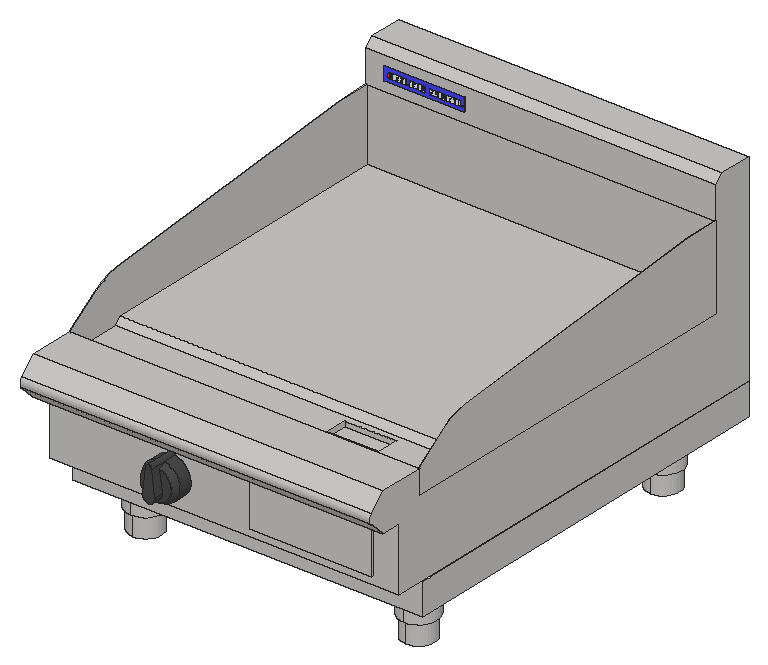
Revit family "QF_MOFFAT_BLUESEAL_CE_EP514-B", category Specialty Equipment, Revit 2012
Parameters
  Width [instance] = 600 mm  # constant formula
  Weight in Pounds = 259
  Watts = 7200 W
  Volts = 230 V
  URL Cutsheet = "www.moffat.com"
  URL = "www.moffat.com"
  Type Mark [instance] = ""
  Status [instance] = ""
  Specification by User [instance] = ""
  Specification by Manufacturer = ""
  Show Logo [instance] = yes
  Serial Number = ""
  Seismic Rating = ""
  SMACNA No = ""
  Revision Code [instance] = ""
  Phase = 1
  Omniclass Number and Title = ""
  Number of Poles = 1
  NAFEM Spec ID Number = ""
  Model = "EP514-B"
  Min Ckt Ampacity = 0 A
  Max Overcurrent Protection = 0 A
  Masterspec = ""
  Manufacturer = "MOFFAT BLUESEAL"
  Item Number [instance] = ""
  Installed By [instance] = ""
  Identify Quantity as Lot [instance] = yes
  Height [instance] = 370 mm  # constant formula
  HP = ""
  Furnished By [instance] = ""
  Foodservice Equipment Identifier [instance] = yes
  FL Amps = 30 A
  Elec Conn RI Height = 0 mm
  Elec Conn Connection Height = 0 mm
  Description = "600MM ELECTRIC GRIDDLE PLATE BENCH MOUNT"
  Depth [instance] = 812 mm  # constant formula
  Cycle = 50 Hz
  Conn Plug = ""
  Conn Conduit = yes
  CSI MasterFormat = ""
  CSI Master Format = ""
  Base Height [instance] = 85 mm
  Apparent Power = if(Phase = 3, Volts * FL Amps * 1.73, Volts * FL Amps)  # 6900 VA
Reference planes
  plane 1 "BACK": y = 0
  plane 2: z = 0
  plane 3 "LEFT": x = 0
  plane 4 "RIGHT": x = 600
  plane 5 "FRONT": y = -812
  plane 6 "TOP": z = 375
  plane 7 "Center Y": x = 300
  plane 8 "Center X": y = -406
  plane 9 "Base Height": z = 85
  plane 10: z = 485
  plane 11: y = -100
  plane 12: y = -625
Forms (mm)
  Extrusion 1, solid, material "QF_Finishes_Stainless Steel"
    sketch origin (0, 0, 0) x (0, 1, 0) y (0, 0, 1)
      loop
        line (0, 140) -> (0, 485) -> (-57.5, 485) -> (-70, 472.5) -> (-70, 275) -> (-705, 275) -> (-705, 315) -> (-783.97, 315) -> (-808.485, 290.485)
        arc (-808.485, 290.485) -> (-811.999, 282) -> (-808.485, 273.515) r 12
        line (-808.485, 273.515) -> (-784.97, 250) -> (-749, 250) -> (-749, 140) -> (0, 140)
      loop
        line (0, 85) -> (0, 139) -> (-699, 139) -> (-699, 85) -> (0, 85)
    from 0 to 600
  Revolve 2, solid, material "QF_Finishes_Stainless Steel"
    sketch origin (534.5, -210, 0) x (0, 1, 0) y (0, 0, -1)
      loop
        line (78.25, -85) -> (110, -85) -> (110, 0) -> (82.5, 0) -> (82.5, -35) -> (78.25, -35) -> (78.25, -85)
      axis (110, -85) -> (110, 0)
    angle from 0 to 360
  Revolve 3, solid, material "QF_Finishes_Stainless Steel"
    sketch origin (65.5, -210, 0) x (0, 1, 0) y (0, 0, 1)
      loop
        line (78.25, 85) -> (78.25, 35) -> (82.5, 35) -> (82.5, 0) -> (110, 0) -> (110, 85) -> (78.25, 85)
      axis (110, 85) -> (110, 0)
    angle from 0 to 360
  Extrusion 4, void
    sketch origin (0, -706, 134.206) x (0, 1, 0) y (-1, 0, 0)
      loop
        circle (674, -470) r 13.5
    from 0 to -86.704
  Revolve 5, solid, material "QF_Finishes_Black"
    sketch origin (217.606, 7, -7.199) x (0, 1, 0) y (0, 0, -1)
      loop
        line (-789, -234.5) -> (-766, -234.5) -> (-766, -207) -> (-756, -207) -> (-756, -202) -> (-800, -202) -> (-800, -228.651) -> (-789, -234.5)
      axis (-800, -202) -> (-756, -202)
    angle from 0 to 360
  Extrusion 6, solid, material "QF_Finishes_Black"
    sketch origin (355.875, 0, -7.042) x (-1, 0, 0) y (0, 0, -1)
      loop
        line (127.956, -191.036) -> (133.376, -233.955)
        arc (133.376, -233.955) -> (138.375, -238.842) -> (143.374, -233.955) r 5
        line (143.374, -233.955) -> (148.863, -189.869)
        arc (148.863, -189.869) -> (137.791, -179.37) -> (127.956, -191.036) r 10.487
    from 759 to 808
  Revolve 7, solid, material "QF_Finishes_Stainless Steel"
    sketch origin (534.5, -728, 0) x (0, 1, 0) y (0, 0, -1)
      loop
        line (71.25, -85) -> (103, -85) -> (103, 0) -> (75.5, 0) -> (75.5, -35) -> (71.25, -35) -> (71.25, -85)
      axis (103, -85) -> (103, 0)
    angle from 0 to 360
  Revolve 8, solid, material "QF_Finishes_Stainless Steel"
    sketch origin (65.5, -728, 0) x (0, 1, 0) y (0, 0, 1)
      loop
        line (71.25, 85) -> (71.25, 35) -> (75.5, 35) -> (75.5, 0) -> (103, 0) -> (103, 85) -> (71.25, 85)
      axis (103, 85) -> (103, 0)
    angle from 0 to 360
  Extrusion 9, solid, material "QF_Finishes_Stainless Steel"
    sketch origin (0, -749, 266) x (0, 0, -1) y (1, 0, 0)
      loop
        line (25.201, 345) -> (112.1, 345) -> (112.1, 555) -> (25.201, 555) -> (25.201, 345)
    from 0 to 2.5
  Extrusion 10, solid, material "QF_Finishes_Stainless Steel"
    sketch origin (0, -751.5, 266) x (0, 0, -1) y (1, 0, 0)
      loop
        line (32.201, 555) -> (25.201, 555) -> (25.201, 345) -> (32.201, 345) -> (32.201, 555)
    from 0 to 5
  Extrusion 11, solid, material "QF_Finishes_Stainless Steel"
    sketch origin (0, -706, 134.206) x (0, 1, 0) y (-1, 0, 0)
      loop
        circle (673.862, -469.75) r 6.35
    from 0 to -24.206
Cuts and joins
  joined: Revolve 5, Extrusion 6
  joined: Extrusion 9, Extrusion 10
  Extrusion 4 cuts Extrusion 1
Lines and regions (mm)
  Split face 1
    outline origin (600, -749, 250) x (-1, 0, 0) y (0, 0, -1)
      loop
        circle (337.495, 45.2) r 7.15
  Split face 2
    outline origin (600, -749, 250) x (-1, 0, 0) y (0, 0, -1)
      loop
        circle (337.495, 25.2) r 7.15
  Split face 3
    outline origin (340, -751.5, 153.9) x (1, 0, 0) y (0, 0, 1)
      loop
        arc (103, 77) -> (99, 73) -> (103, 69) r 4
        line (103, 69) -> (117, 69)
        arc (117, 69) -> (121, 73) -> (117, 77) r 4
        line (117, 77) -> (103, 77)
  Split face 4
    outline origin (600, 0, 485) x (-1, 0, 0) y (0, -1, 0)
      loop
        arc (324, 45.385) -> (315.34, 40.385) -> (315.34, 30.385) r 10
        line (315.34, 30.385) -> (319.381, 23.385)
        arc (319.381, 23.385) -> (323.041, 19.725) -> (328.041, 18.385) r 10
        line (328.041, 18.385) -> (556, 18.385)
        arc (556, 18.385) -> (564.66, 23.385) -> (564.66, 33.385) r 10
        line (564.66, 33.385) -> (560.619, 40.385)
        arc (560.619, 40.385) -> (556.959, 44.045) -> (551.959, 45.385) r 10
        line (551.959, 45.385) -> (324, 45.385)
  Split face 5
    outline origin (600, 0, 485) x (-1, 0, 0) y (0, -1, 0)
      loop
        arc (266, 18.385) -> (274.66, 23.385) -> (274.66, 33.385) r 10
        line (274.66, 33.385) -> (270.619, 40.385)
        arc (270.619, 40.385) -> (266.959, 44.045) -> (261.959, 45.385) r 10
        line (261.959, 45.385) -> (34, 45.385)
        arc (34, 45.385) -> (25.34, 40.385) -> (25.34, 30.385) r 10
        line (25.34, 30.385) -> (29.381, 23.385)
        arc (29.381, 23.385) -> (33.041, 19.725) -> (38.041, 18.385) r 10
        line (38.041, 18.385) -> (266, 18.385)
  symbolic lines
    curve 1: line (0, -812, 0) -> (600, -812, 0)
    curve 2: line (0, 0, 0) -> (0, -812, 0)
    curve 3: line (600, 0, 0) -> (0, 0, 0)
    curve 4: line (0, -70, 0) -> (600, -70, 0)
    curve 5: line (600, -712, 0) -> (0, -712, 0)
    curve 6: line (600, -812, 0) -> (600, 0, 0)
    curve 7: line (0, -57.5, 0) -> (600, -57.5, 0)
    curve 8: line (44, -18.385, 0) -> (271.959, -18.385, 0)
    curve 9: arc (271.959, -18.385, 0) -> (276.959, -19.725, 0) -> (280.619, -23.385, 0) r 10
    curve 10: line (280.619, -23.385, 0) -> (284.66, -30.385, 0)
    curve 11: arc (284.66, -30.385, 0) -> (284.66, -40.385, 0) -> (276, -45.385, 0) r 10
    curve 12: line (276, -45.385, 0) -> (48.041, -45.385, 0)
    curve 13: arc (48.041, -45.385, 0) -> (43.041, -44.045, 0) -> (39.381, -40.385, 0) r 10
    curve 14: line (39.381, -40.385, 0) -> (35.34, -33.385, 0)
    curve 15: arc (35.34, -33.385, 0) -> (35.34, -23.385, 0) -> (44, -18.385, 0) r 10
    curve 16: line (561.959, -18.385, 0) -> (334, -18.385, 0)
    curve 17: arc (334, -18.385, 0) -> (325.34, -23.385, 0) -> (325.34, -33.385, 0) r 10
    curve 18: line (325.34, -33.385, 0) -> (329.381, -40.385, 0)
    curve 19: arc (329.381, -40.385, 0) -> (333.041, -44.045, 0) -> (338.041, -45.385, 0) r 10
    curve 20: line (338.041, -45.385, 0) -> (566, -45.385, 0)
    curve 21: arc (566, -45.385, 0) -> (574.66, -40.385, 0) -> (574.66, -30.385, 0) r 10
    curve 22: line (574.66, -30.385, 0) -> (570.619, -23.385, 0)
    curve 23: arc (570.619, -23.385, 0) -> (566.959, -19.725, 0) -> (561.959, -18.385, 0) r 10
Dimensions and locks
  equal spacing: plane 3 "LEFT", plane 7 "Center Y", plane 4 "RIGHT"
  "Width": plane 3 "LEFT" to plane 4 "RIGHT"
  equal spacing: plane 5 "FRONT", plane 8 "Center X", plane 1 "BACK"
  "Depth": plane 5 "FRONT" to plane 1 "BACK"
  "Base Height": plane 9 "Base Height" to level
  locked: plane 6 "TOP" to plane 9 "Base Height" at 290
  plane 6 "TOP" to level = 375 mm
  plane 10 to plane 2 = 485 mm  (x2)
  aligned and locked: level to plane 2
  aligned and locked: Revolve 3 sketch curve to plane 9 "Base Height"
Automatic sketch dimensions
  curve 5 to plane 3 "LEFT" = 0 mm
  plane 1 "BACK" to curve 3 = 0 mm
  curve 3 to plane 4 "RIGHT" = 0 mm
  plane 5 "FRONT" to curve 1 = 0 mm
  curve 5 to plane 5 "FRONT" = 100 mm
  Extrusion 1 sketch curve to plane 9 "Base Height" = 0 mm
  Extrusion 1 sketch curve to plane 1 "BACK" = 0 mm  (x2)
  Revolve 2 sketch curve to plane 9 "Base Height" = 0 mm
  Revolve 2 sketch curve to level = 0 mm
  level to Revolve 2 sketch curve = 35 mm
  plane 1 "BACK" to Revolve 2 sketch curve = 131.75 mm
  Revolve 2 sketch curve to Revolve 2 sketch curve = 4.25 mm
  Revolve 2 sketch curve to Revolve 2 sketch curve = 27.5 mm
  Revolve 2 sketch curve to Revolve 2 sketch curve = 0 mm
  Revolve 2 sketch curve to Revolve 2 sketch curve = 30 mm
  Revolve 2 sketch curve to Revolve 2 sketch curve = 55 mm
  Revolve 3 sketch curve to level = 0 mm
  level to Revolve 3 sketch curve = 35 mm
  plane 1 "BACK" to Revolve 3 sketch curve = 131.75 mm
  Revolve 3 sketch curve to Revolve 3 sketch curve = 4.25 mm
  Revolve 3 sketch curve to Revolve 3 sketch curve = 27.5 mm
  Revolve 3 sketch curve to Revolve 3 sketch curve = 0 mm
  Revolve 3 sketch curve to Revolve 3 sketch curve = 55 mm
  Revolve 3 sketch curve to Revolve 3 sketch curve = 30 mm
  Revolve 5 sketch curve to plane 5 "FRONT" = 19 mm
  Revolve 5 sketch curve to Revolve 5 sketch curve = 0 mm  (x2)
  Revolve 5 sketch curve to Revolve 5 sketch curve = 11 mm
  Revolve 5 sketch curve to Revolve 5 sketch curve = 12.7 mm
  Revolve 5 sketch curve to Revolve 5 sketch curve = 23 mm
  Revolve 5 sketch curve to Revolve 5 sketch curve = 10 mm
  plane 9 "Base Height" to Revolve 5 sketch curve = 142.301 mm
  Revolve 5 sketch curve to Revolve 5 sketch curve = 5.849 mm
  Revolve 5 sketch curve to Revolve 5 sketch curve = 27.5 mm
  Revolve 5 sketch curve to Revolve 5 sketch curve = 5 mm
  Revolve 7 sketch curve to plane 9 "Base Height" = 0 mm
  Revolve 7 sketch curve to level = 0 mm
  level to Revolve 7 sketch curve = 35 mm
  Revolve 7 sketch curve to plane 5 "FRONT" = 155.25 mm
  Revolve 7 sketch curve to Revolve 7 sketch curve = 4.25 mm
  Revolve 7 sketch curve to Revolve 7 sketch curve = 27.5 mm
  Revolve 7 sketch curve to Revolve 7 sketch curve = 0 mm
  Revolve 7 sketch curve to Revolve 7 sketch curve = 30 mm
  Revolve 7 sketch curve to Revolve 7 sketch curve = 55 mm
  Revolve 8 sketch curve to plane 9 "Base Height" = 0 mm
  Revolve 8 sketch curve to level = 0 mm
  level to Revolve 8 sketch curve = 35 mm
  Revolve 8 sketch curve to plane 5 "FRONT" = 155.25 mm
  Revolve 8 sketch curve to Revolve 8 sketch curve = 4.25 mm
  Revolve 8 sketch curve to Revolve 8 sketch curve = 27.5 mm
  Revolve 8 sketch curve to Revolve 8 sketch curve = 0 mm
  Revolve 8 sketch curve to Revolve 8 sketch curve = 55 mm
  Revolve 8 sketch curve to Revolve 8 sketch curve = 30 mm
  Extrusion 10 sketch curve to Extrusion 9 = 0 mm  (x2)
  Extrusion 9 to Extrusion 10 sketch curve = 0 mm
  Extrusion 10 sketch curve to Extrusion 9 = 7 mm
  Extrusion 1 sketch curve to Extrusion 1 sketch curve = 50 mm
  Extrusion 1 sketch curve to plane 6 "TOP" = 60 mm
  Extrusion 1 sketch curve to plane 5 "FRONT" = 107 mm
  Extrusion 1 sketch curve to plane 5 "FRONT" = 28.03 mm
  Extrusion 1 sketch curve to plane 5 "FRONT" = 3.515 mm  (x2)
  Extrusion 1 sketch curve to Extrusion 1 sketch curve = 24.515 mm
  Extrusion 1 sketch curve to Extrusion 1 sketch curve = 8.485 mm
  Extrusion 1 sketch curve to Extrusion 1 sketch curve = 16.971 mm
  Extrusion 1 sketch curve to plane 5 "FRONT" = 27.03 mm
  Extrusion 1 sketch curve to Extrusion 1 sketch curve = 23.515 mm
  Extrusion 1 sketch curve to Extrusion 1 sketch curve = 35.97 mm
  Extrusion 1 sketch curve to Extrusion 1 sketch curve = 1 mm
  plane 9 "Base Height" to Extrusion 1 sketch curve = 54 mm
  plane 1 "BACK" to Extrusion 4 sketch curve = 32 mm
  Extrusion 9 sketch curve to plane 6 "TOP" = 134.201 mm
  plane 9 "Base Height" to Extrusion 9 sketch curve = 68.9 mm
  plane 7 "Center Y" to Extrusion 9 sketch curve = 45 mm
  plane 1 "BACK" to Extrusion 11 sketch curve = 32.138 mm
  Extrusion 1 sketch curve to Extrusion 1 sketch curve = 40 mm
  plane 1 "BACK" to Extrusion 1 sketch curve = 70 mm
  Extrusion 1 sketch curve to plane 10 = 12.5 mm
  Extrusion 1 sketch curve to Extrusion 1 sketch curve = 12.5 mm
  Extrusion 1 sketch curve to plane 10 = 0 mm
  cut or joined group of Extrusion 9, Extrusion 10 to Split face 3 sketch curve = 6.899 mm
  Split face 3 sketch curve to cut or joined group of Extrusion 9, Extrusion 10 = 98 mm
  Split face 3 sketch curve to Split face 3 sketch curve = 14 mm
  Split face 3 sketch curve to Split face 3 sketch curve = 4 mm
  Extrusion 6 sketch curve to plane 7 "Center Y" = 72.081 mm
  Extrusion 6 sketch curve to Extrusion 6 sketch curve = 5.421 mm
  Extrusion 6 sketch curve to Extrusion 6 sketch curve = 10.419 mm
  Extrusion 6 sketch curve to Extrusion 6 sketch curve = 4.999 mm  (x2)
  Extrusion 6 sketch curve to Extrusion 6 sketch curve = 10.487 mm
  plane 9 "Base Height" to Extrusion 6 sketch curve = 141.913 mm
  Extrusion 6 sketch curve to Extrusion 6 sketch curve = 0.113 mm
  Extrusion 6 sketch curve to Extrusion 6 sketch curve = 42.919 mm
  Extrusion 6 sketch curve to Extrusion 6 sketch curve = 1.167 mm
  plane 4 "RIGHT" to Extrusion 4 sketch curve = 130 mm
  plane 4 "RIGHT" to Extrusion 9 sketch curve = 45 mm
  plane 4 "RIGHT" to Extrusion 11 sketch curve = 130.25 mm
  curve 4 to curve 7 = 12.5 mm
  plane 11 to curve 4 = 30 mm
  Split face 4 sketch curve to cut or joined group of Extrusion 1, Extrusion 4 = 27.115 mm
  Split face 4 sketch curve to cut or joined group of Extrusion 1, Extrusion 4 = 284.66 mm
  Split face 4 sketch curve to cut or joined group of Extrusion 1, Extrusion 4 = 23.385 mm
  Split face 4 sketch curve to Split face 4 sketch curve = 4.041 mm  (x4)
  Split face 4 sketch curve to Split face 4 sketch curve = 8.66 mm  (x2)
  Split face 4 sketch curve to cut or joined group of Extrusion 1, Extrusion 4 = 22.115 mm
  Split face 4 sketch curve to cut or joined group of Extrusion 1, Extrusion 4 = 48.041 mm
  Split face 4 sketch curve to cut or joined group of Extrusion 1, Extrusion 4 = 17.115 mm
  Split face 4 sketch curve to Split face 4 sketch curve = 17 mm
  Split face 4 sketch curve to Split face 4 sketch curve = 7 mm
  Split face 5 sketch curve to cut or joined group of Extrusion 1, Extrusion 4 = 25.34 mm
  Split face 5 sketch curve to Split face 5 sketch curve = 4.041 mm  (x4)
  Split face 5 sketch curve to Split face 5 sketch curve = 8.66 mm  (x2)
  Split face 5 sketch curve to cut or joined group of Extrusion 1, Extrusion 4 = 12.115 mm
  Split face 5 sketch curve to Split face 5 sketch curve = 223.917 mm
  Split face 5 sketch curve to Split face 5 sketch curve = 5 mm
  Split face 5 sketch curve to Split face 5 sketch curve = 10 mm
  Split face 5 sketch curve to Split face 5 sketch curve = 7 mm  (x3)
  plane 3 "LEFT" to curve 15 = 35.34 mm
  curve 14 to curve 13 = 4.041 mm
  curve 15 to curve 15 = 8.66 mm
  curve 15 to curve 13 = 4.041 mm
  curve 9 to plane 7 "Center Y" = 28.041 mm
  curve 9 to curve 12 = 4.041 mm
  curve 9 to curve 10 = 8.66 mm
  curve 9 to curve 10 = 4.041 mm
  plane 1 "BACK" to curve 11 = 45.385 mm
  curve 12 to curve 14 = 5 mm
  curve 12 to curve 11 = 10 mm
  curve 13 to curve 14 = 7 mm
  curve 11 to curve 9 = 7 mm
  curve 13 to curve 15 = 7 mm
  plane 7 "Center Y" to curve 18 = 25.34 mm
  curve 18 to curve 18 = 4.041 mm
  curve 17 to curve 17 = 8.66 mm
  curve 17 to curve 19 = 4.041 mm
  plane 1 "BACK" to curve 16 = 18.385 mm
  plane 4 "RIGHT" to curve 16 = 38.041 mm
  curve 23 to curve 21 = 4.041 mm
  plane 1 "BACK" to curve 22 = 23.385 mm
  curve 23 to curve 22 = 8.66 mm
  curve 22 to curve 22 = 4.041 mm
  curve 19 to curve 16 = 27 mm
  curve 20 to curve 18 = 5 mm
  curve 21 to curve 23 = 7 mm
  curve 19 to curve 18 = 7 mm
  radius of Extrusion 4 sketch curve = 13.5 mm
  radius of Extrusion 11 sketch curve = 6.35 mm
Nested families
  nested 1: "ELECTRIC GRIDDLE PLATE" at (0, -70, 274.5), type "ELECTRIC GRIDDLE PLATE"
    with Type Mark "", Status "", Specification by User "", Revision Code "", Item Number "", Installed By "", Identify Quantity as Lot yes, Furnished By "", Foodservice Equipment Identifier yes
  nested 2: "WALDORF LOGO_FACE BASE" at (32, -70, 456.885) x (1, 0, 0) z (0, -1, 0), visible <- "Show Logo", type "WALDORF LOGO_FACE BASE", detail levels medium+fine
    with Show Logo yes
Connectors
  electrical at (469.75, -32.138, 110), driven by "Volts", driven by "Watts"
    settings: on Extrusion 11, index 1, voltage 230 V, apparent load 7200 VA, apparent load phase1 0 VA, apparent load phase2 0 VA, apparent load phase3 0 VA, power factor 1, load classification "Other", number of poles 1, system type 30, power factor state 1, is connector primary yes, connector utility no, sub classification motor no, connector description "ELECTRICAL CONNECTION"
Definition of nested family "ELECTRIC GRIDDLE PLATE"
  Parameters (values of type "ELECTRIC GRIDDLE PLATE")
    Weight in Pounds = 0
    URL Cutsheet = ""
    Type Mark [instance] = ""
    Status [instance] = ""
    Specification by User [instance] = ""
    Specification by Manufacturer = ""
    Serial Number = ""
    Seismic Rating = ""
    SMACNA No = ""
    Revision Code [instance] = ""
    Omniclass Number and Title = ""
    NAFEM Spec ID Number = ""
    Masterspec = ""
    Item Number [instance] = ""
    Installed By [instance] = ""
    Identify Quantity as Lot [instance] = yes
    Furnished By [instance] = ""
    Foodservice Equipment Identifier [instance] = yes
    CSI MasterFormat = ""
    CSI Master Format = ""
  Reference planes
    plane 1 "BACK": y = 0
    plane 2: z = 0
    plane 3 "LEFT": x = 0
    plane 4 "RIGHT": x = 600
    plane 5 "FRONT": y = -635
    plane 6 "TOP": z = 142.5
    plane 7 "Center Y": x = 300
    plane 8 "Center X": y = -317.5
  Forms (mm)
    Extrusion 1, solid, material "QF_Finishes_Stainless Steel"
      sketch origin (0, 70.003, -874.5) x (0, 1, 0) y (0, 0, 1)
        loop
          line (-70, 875) -> (-70, 1017) -> (-127.048, 1017) -> (-605.133, 971.023)
          arc (-605.133, 971.023) -> (-630.16, 965.303) -> (-652.906, 953.399) r 100
          line (-652.906, 953.399) -> (-705.003, 916.5) -> (-705.003, 875) -> (-70, 875)
      from 0 to 1.8
    Extrusion 2, solid, material "QF_Finishes_Stainless Steel"
      sketch origin (600, 70.003, -874.5) x (0, -1, 0) y (0, 0, 1)
        loop
          line (127.048, 1017) -> (70, 1017) -> (70, 875) -> (705.003, 875) -> (705.003, 916.5) -> (652.906, 953.399)
          arc (652.906, 953.399) -> (630.16, 965.303) -> (605.133, 971.023) r 100
          line (605.133, 971.023) -> (127.048, 1017)
      from 0 to 1.2
    Extrusion 3, solid, material "QF_Finishes_Stainless Steel"
      sketch origin (150, 70.003, -874.5) x (0, 1, 0) y (0, 0, 1)
        loop
          line (-70, 895) -> (-601, 895) -> (-611.5, 884.5) -> (-704.403, 884.5) -> (-704.403, 875) -> (-70, 875) -> (-70, 895)
      from -148.2 to 448.8
    Extrusion 4, void
      sketch origin (150, -541.497, 10) x (0, -1, 0) y (1, 0, 0)
        loop
          line (10.495, 344.25) -> (10.495, 255.75) -> (48.995, 255.75) -> (48.995, 344.25) -> (10.495, 344.25)
      from -41.4 to 40.142
    Extrusion 5, solid, material "QF_Finishes_Stainless Steel"
      sketch origin (150, 0.003, 211.574) x (0, 0, -1) y (1, 0, 0)
        loop
          line (69.074, -148.2) -> (191.074, -148.2) -> (191.074, 448.8) -> (69.074, 448.8) -> (69.074, -148.2)
      from 0 to 1.683
  Cuts and joins
    Extrusion 4 cuts Extrusion 3
  Lines and regions (mm)
    symbolic lines
      curve 1: line (598.8, -531.597, 0) -> (1.8, -531.597, 0)
      curve 2: line (1.8, -542.097, 0) -> (598.8, -542.097, 0)
      curve 3: line (405.75, -552.097, 0) -> (405.75, -590.597, 0)
      curve 4: line (405.75, -590.597, 0) -> (494.25, -590.597, 0)
      curve 5: line (494.25, -590.597, 0) -> (494.25, -552.097, 0)
      curve 6: line (494.25, -552.097, 0) -> (405.75, -552.097, 0)
      curve 7: line (1.8, -1.68, 0) -> (598.8, -1.68, 0)
      curve 8: line (598.8, -1.68, 0) -> (598.8, -635, 0)
      curve 9: line (1.8, -635, 0) -> (1.8, -1.68, 0)
      curve 10: line (1.8, -635, 0) -> (598.8, -635, 0)
  Dimensions and locks
    equal spacing: plane 3 "LEFT", plane 7 "Center Y", plane 4 "RIGHT"
    plane 3 "LEFT" to plane 4 "RIGHT" = 600 mm
    equal spacing: plane 5 "FRONT", plane 8 "Center X", plane 1 "BACK"
    plane 5 "FRONT" to plane 1 "BACK" = 635 mm
    aligned and locked: level to plane 2
  Automatic sketch dimensions
    plane 1 "BACK" to Extrusion 1 sketch curve = 635 mm
    level to Extrusion 1 sketch curve = 0.5 mm
    plane 1 "BACK" to Extrusion 3 sketch curve = 634.4 mm
    level to Extrusion 3 sketch curve = 10 mm
    plane 1 "BACK" to Extrusion 3 sketch curve = 541.497 mm
    Extrusion 3 sketch curve to Extrusion 3 sketch curve = 10.5 mm
    level to Extrusion 3 sketch curve = 0.5 mm
    Extrusion 3 sketch curve to Extrusion 3 sketch curve = 531 mm
    level to Extrusion 3 sketch curve = 20.5 mm
    Extrusion 3 to Extrusion 4 sketch curve = 10.495 mm
    Extrusion 4 sketch curve to Extrusion 4 sketch curve = 38.5 mm
    Extrusion 3 to Extrusion 4 sketch curve = 193.05 mm
    Extrusion 3 to Extrusion 4 sketch curve = 104.55 mm
    plane 3 "LEFT" to Extrusion 5 sketch curve = 598.8 mm
    Extrusion 5 sketch curve to plane 6 "TOP" = 0 mm
    level to Extrusion 5 sketch curve = 20.5 mm
    Extrusion 5 sketch curve to Extrusion 5 sketch curve = 597 mm
    plane 5 "FRONT" to curve 10 = 0 mm
    plane 3 "LEFT" to curve 1 = 1.8 mm
    curve 4 to plane 5 "FRONT" = 44.403 mm
    plane 4 "RIGHT" to curve 4 = 194.25 mm
    plane 4 "RIGHT" to curve 5 = 105.75 mm
    plane 4 "RIGHT" to curve 8 = 1.2 mm
    curve 3 to curve 3 = 38.5 mm
    curve 9 to curve 2 = 92.903 mm
    curve 2 to curve 1 = 10.5 mm
    plane 1 "BACK" to curve 9 = 1.68 mm
    Extrusion 1 sketch curve to Extrusion 1 sketch curve = 41.5 mm
    Extrusion 1 sketch curve to plane 6 "TOP" = 0 mm
    Extrusion 1 sketch curve to plane 5 "FRONT" = 52.097 mm
    Extrusion 1 sketch curve to plane 6 "TOP" = 45.977 mm
    Extrusion 1 sketch curve to Extrusion 1 sketch curve = 47.773 mm
    Extrusion 1 sketch curve to level = 3.016 mm
    Extrusion 1 sketch curve to Extrusion 1 sketch curve = 9.585 mm
    plane 1 "BACK" to Extrusion 1 sketch curve = 57.045 mm
    Extrusion 1 sketch curve to plane 1 "BACK" = 0.003 mm
    Extrusion 2 sketch curve to plane 6 "TOP" = 0 mm
    Extrusion 2 sketch curve to plane 1 "BACK" = 0.003 mm
    plane 1 "BACK" to Extrusion 2 sketch curve = 57.045 mm
    Extrusion 2 sketch curve to level = 3.016 mm
    Extrusion 2 sketch curve to plane 5 "FRONT" = 109.455 mm
    Extrusion 2 sketch curve to plane 6 "TOP" = 45.977 mm
    Extrusion 2 sketch curve to plane 5 "FRONT" = 99.87 mm
    Extrusion 2 sketch curve to Extrusion 2 sketch curve = 47.773 mm
    plane 5 "FRONT" to Extrusion 2 sketch curve = 0 mm
    level to Extrusion 2 sketch curve = 0.5 mm
    Extrusion 2 sketch curve to Extrusion 2 sketch curve = 41.5 mm
Definition of nested family "WALDORF LOGO_FACE BASE"
  Parameters (values of type "WALDORF LOGO_FACE BASE")
    Show Logo [instance] = yes
    Default Elevation = 1219.2 mm
  Reference planes
    plane 1 "Center (Front/Back)": y = 0
    plane 2: z = 0
    plane 3 "Center (Left/Right)": x = 0
  Forms (mm)
    Extrusion 1, solid
      sketch origin (0, 0, 0) x (1, 0, 0) y (0, 1, 0)
        loop
          line (-1219.2, 1219.2) -> (-1219.2, -1219.2) -> (1219.2, -1219.2) -> (1219.2, 1219.2) -> (-1219.2, 1219.2)
      from 0 to -304.8
    Extrusion 2, solid, material "QF_Finishes_Blue", visible <- "Show Logo"
      sketch origin (0, -33.217, 0) x (1, 0, 0) y (0, 1, 0)
        loop
          arc (138, 31.942) -> (137.626, 32.844) -> (136.724, 33.217) r 1.276
          line (136.724, 33.217) -> (1.29, 33.217)
          arc (1.29, 33.217) -> (0.378, 32.839) -> (0, 31.927) r 1.29
          line (0, 31.927) -> (0, 11.507)
          arc (0, 11.507) -> (0.378, 10.595) -> (1.29, 10.217) r 1.29
          line (1.29, 10.217) -> (136.71, 10.217)
          arc (136.71, 10.217) -> (137.622, 10.595) -> (138, 11.507) r 1.29
          line (138, 11.507) -> (138, 31.942)
      from 0 to 1.588
    Extrusion 3, solid, material "QF_Finishes_White", visible <- "Show Logo"
      sketch origin (0, -33.217, 1.588) x (1, 0, 0) y (0, 1, 0)
        loop
          arc (108.946, 25.919) -> (107.613, 25.367) -> (107.061, 24.034) r 1.885
          line (107.061, 24.034) -> (107.061, 17.211) -> (112.704, 17.211) -> (112.704, 19.129) -> (115.546, 19.129) -> (115.546, 17.211) -> (121.584, 17.211) -> (121.584, 24.075)
          arc (121.584, 24.075) -> (121.043, 25.379) -> (119.739, 25.919) r 1.845
          line (119.739, 25.919) -> (108.946, 25.919)
        loop
          line (123.478, 25.919) -> (123.478, 17.163) -> (134.904, 17.163) -> (134.904, 19.129) -> (129.246, 19.129) -> (129.246, 25.919) -> (123.478, 25.919)
        loop
          line (112.704, 21.258) -> (115.546, 21.258) -> (115.546, 22.702)
          arc (115.546, 22.702) -> (115.344, 23.188) -> (114.858, 23.389) r 0.687
          line (114.858, 23.389) -> (113.363, 23.389)
          arc (113.363, 23.389) -> (112.897, 23.196) -> (112.704, 22.73) r 0.658
          line (112.704, 22.73) -> (112.704, 21.258)
        loop
          line (105.071, 25.919) -> (93.771, 25.919) -> (93.771, 17.163) -> (105.071, 17.163) -> (105.071, 19.063) -> (99.535, 19.063) -> (99.535, 20.437) -> (105.071, 20.437) -> (105.071, 22.278) -> (99.535, 22.278) -> (99.535, 23.587) -> (105.071, 23.587) -> (105.071, 25.919)
        loop
          line (91.104, 25.919) -> (79.541, 25.919)
          arc (79.541, 25.919) -> (78.558, 25.513) -> (78.152, 24.53) r 1.389
          line (78.152, 24.53) -> (78.152, 22.08)
          arc (78.152, 22.08) -> (78.558, 21.098) -> (79.541, 20.691) r 1.389
          line (79.541, 20.691) -> (86.346, 20.691) -> (86.346, 18.864) -> (83.266, 18.864) -> (83.266, 19.664) -> (78.152, 19.664) -> (78.152, 18.553)
          arc (78.152, 18.553) -> (78.558, 17.57) -> (79.541, 17.163) r 1.389
          line (79.541, 17.163) -> (91.063, 17.163)
          arc (91.063, 17.163) -> (92.045, 17.57) -> (92.452, 18.553) r 1.389
          line (92.452, 18.553) -> (92.452, 20.691)
          arc (92.452, 20.691) -> (92.045, 21.673) -> (91.063, 22.08) r 1.389
          line (91.063, 22.08) -> (83.266, 22.08) -> (83.266, 23.984) -> (86.346, 23.984) -> (86.346, 22.743) -> (92.452, 22.743) -> (92.452, 24.571)
          arc (92.452, 24.571) -> (92.057, 25.524) -> (91.104, 25.919) r 1.348
        loop
          line (70.705, 25.919) -> (59.405, 25.919) -> (59.405, 17.163) -> (70.705, 17.163) -> (70.705, 19.063) -> (65.169, 19.063) -> (65.169, 20.437) -> (70.705, 20.437) -> (70.705, 22.278) -> (65.169, 22.278) -> (65.169, 23.587) -> (70.705, 23.587) -> (70.705, 25.919)
        loop
          line (57.598, 25.919) -> (51.7, 25.919) -> (51.7, 20.18)
          arc (51.7, 20.18) -> (50.63, 19.11) -> (49.56, 20.18) r 1.07
          line (49.56, 20.18) -> (49.56, 25.919) -> (43.663, 25.919) -> (43.663, 19.049)
          arc (43.663, 19.049) -> (44.215, 17.716) -> (45.548, 17.163) r 1.885
          line (45.548, 17.163) -> (55.71, 17.163)
          arc (55.71, 17.163) -> (57.045, 17.716) -> (57.598, 19.051) r 1.887
          line (57.598, 19.051) -> (57.598, 25.919)
        loop
          line (31.62, 25.919) -> (31.62, 17.163) -> (43.046, 17.163) -> (43.046, 19.129) -> (37.388, 19.129) -> (37.388, 25.919) -> (31.62, 25.919)
        loop
          line (15.969, 25.919) -> (15.969, 17.163) -> (28.693, 17.163)
          arc (28.693, 17.163) -> (29.812, 17.627) -> (30.276, 18.746) r 1.582
          line (30.276, 18.746) -> (30.276, 20.447) -> (29.48, 21.243) -> (30.276, 22.039) -> (30.276, 24.332)
          arc (30.276, 24.332) -> (29.811, 25.454) -> (28.688, 25.919) r 1.587
          line (28.688, 25.919) -> (15.969, 25.919)
        loop
          line (21.449, 24.159) -> (21.449, 22.436) -> (23.862, 22.436)
          arc (23.862, 22.436) -> (24.723, 23.298) -> (23.862, 24.159) r 0.861
          line (23.862, 24.159) -> (21.449, 24.159)
        loop
          line (21.449, 20.244) -> (21.449, 18.522) -> (23.862, 18.522)
          arc (23.862, 18.522) -> (24.723, 19.383) -> (23.862, 20.244) r 0.861
          line (23.862, 20.244) -> (21.449, 20.244)
      from 0 to 0.2
    Extrusion 4, solid, material "QF_Finishes_Blue", visible <- "Show Logo"
      sketch origin (-126.498, -31.09, 1.588) x (1, 0, 0) y (0, 1, 0)
        loop
          line (136.738, 23.522) -> (136.738, 15.1)
          arc (136.738, 15.1) -> (140.756, 19.311) -> (136.738, 23.522) r 4.216
      from 0 to 0.2
    Extrusion 5, solid, material "QF_Finishes_Red", visible <- "Show Logo"
      sketch origin (146.849, -31.09, 1.588) x (-1, 0, 0) y (0, -1, 0)
        loop
          arc (136.738, -23.522) -> (140.756, -19.311) -> (136.738, -15.1) r 4.216
          line (136.738, -15.1) -> (136.738, -23.522)
      from 0 to 0.2
  Lines and regions (mm)
    Split face 1
      outline origin (-90.35, -30.793, 1.588) x (1, 0, 0) y (0, 1, 0)
        loop
          circle (100.54, 19.013) r 4.536
  Dimensions and locks
    aligned and locked: plane 2 to Extrusion 1
    aligned and locked: level to Extrusion 1
